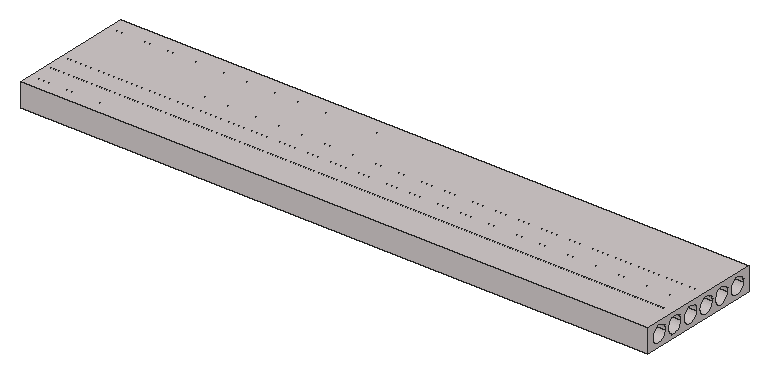
Revit family "Плита многопустотная", category Обобщенные модели, Revit 2016
Family settings
  Может служить основой для арматурных стержней = Нет
  На основе рабочей плоскости = Нет
  Всегда вертикально = Нет
  При загрузке вырезать с полостями = Нет
  Общий = Нет
  Точка расчета площади = Нет
Parameters (values of type "ПК12")
  ширина плиты = 1200 mm
  вид1500 = no
  вид1200 = yes
  вид1000 = no
  Описание = "2,10"
  Комментарии к типоразмеру = "ПК60.12-8АтVт"
  Изготовитель = "Серия 1.141-1 выпуск 63"
  Длина плиты = 6000 mm
  Высота плиты = (-1) * H  # -220 mm
  _Материал = Бетон - Сборный железобетон - 35 МПa
  URL = "http://www.beton1.ru/goods/3603/"
  H = 220 mm  # constant formula
Types (10, lengths in mm): name | ширина плиты | вид1500 | вид1200 | Описание | Комментарии к типоразмеру | Изготовитель | Длина плиты
  ПК12 | 1200 | no | yes | "2,10" | "ПК60.12-8АтVт" | "Серия 1.141-1 выпуск 63" | 6000
  ПБ15.53 | 1500 | yes | no | "2,80" | "ПК60.15-8АтVт" | "Серия. .." | 5300
  ПБ12.60 | 1200 | no | yes | "2,80" | "ПК60.15-8АтVт" | "Серия. .." | 6000
  ПБ15.74 | 1500 | yes | no | "2,80" | "ПК60.15-8АтVт" | "Серия. .." | 7400
  ПБ15.60 | 1500 | yes | no | "2,80" | "ПК60.15-8АтVт" | "Серия. .." | 6000
  ПБ15.55 | 1500 | yes | no | "2,80" | "ПК60.15-8АтVт" | "Серия. .." | 5500
  ПБ12.21 | 1200 | no | yes | "2,80" | "ПК60.15-8АтVт" | "Серия. .." | 2100
  ПБ15.21 | 1500 | yes | no | "2,80" | "ПК60.15-8АтVт" | "Серия. .." | 2100
  ПБ12.69 | 1200 | no | yes | "2,80" | "ПК60.15-8АтVт" | "Серия. .." | 6900
  ПБ15.69 | 1500 | yes | no | "2,80" | "ПК60.15-8АтVт" | "Серия. .." | 6900
Reference planes
  plane 1 "По центру (Вперед/Назад)": y = 0
  plane 2: z = 0
  plane 3 "По центру (Влево/Вправо)": x = 0
  plane 4: x = 6000
  plane 5: y = 1200
  plane 6: z = -220
Forms (mm)
  Sweep 1, solid, material "Бетон - Сборный железобетон - 35 МПa" <- "_Материал", visible <- "вид1500", detail levels medium+fine
    path origin (0, 0, 0) x (1, 0, 0) y (0, 1, 0)
      loop
        line (6000, 0) -> (0, 0)
    profile "ПК15 : 1500" origin (3000, 0, 0) x (0, -1, 0) y (0, 0, 1)
      loop
        circle (-1120, -110) r 79.5
      loop
        circle (-935, -110) r 79.5
      loop
        circle (-750, -110) r 79.5
      loop
        circle (-565, -110) r 79.5
      loop
        circle (-380, -110) r 79.5
      loop
        circle (-1305, -110) r 79.5
      loop
        circle (-195, -110) r 79.5
      loop
        line (0, 0) -> (-1500, 0) -> (-1500, -220) -> (0, -220) -> (0, 0)
  Sweep 2, solid, material "Бетон - Сборный железобетон - 35 МПa" <- "_Материал", visible <- "вид1200", detail levels medium+fine
    path origin (-42.115, 1937.281, 0) x (1, 0, 0) y (0, 1, 0)
      loop
        line (6042.115, -1937.281) -> (42.115, -1937.281)
    profile "ПК12 : 1200" origin (3000, 0, 0) x (0, -1, 0) y (0, 0, 1)
      loop
        circle (-880.5, -110) r 79.5
      loop
        circle (-693.5, -110) r 79.5
      loop
        circle (-506.5, -110) r 79.5
      loop
        circle (-319.5, -110) r 79.5
      loop
        circle (-1067.5, -110) r 79.5
      loop
        circle (-132.5, -110) r 79.5
      loop
        line (0, 0) -> (-1200, 0) -> (-1200, -220) -> (0, -220) -> (0, 0)
  Sweep 3, solid, material "Бетон - Сборный железобетон - 35 МПa" <- "_Материал", visible <- "вид1000", detail levels medium+fine
    path origin (-42.115, 3837.281, 0) x (1, 0, 0) y (0, 1, 0)
      loop
        line (6042.115, -3837.281) -> (42.115, -3837.281)
    profile "ПК10 : 1000" origin (3000, 0, 0) x (0, -1, 0) y (0, 0, 1)
      loop
        circle (-685, -110) r 79.5
      loop
        circle (-500, -110) r 79.5
      loop
        circle (-315, -110) r 79.5
      loop
        circle (-870, -110) r 79.5
      loop
        circle (-130, -110) r 79.5
      loop
        line (0, 0) -> (-1000, 0) -> (-1000, -220) -> (0, -220) -> (0, 0)
Lines and regions (mm)
  Masking region 1, detail levels coarse+medium
    outline origin (0, 0, 0) x (1, 0, 0) y (0, 1, 0)
      loop
        line (0, 1200) -> (0, 0) -> (6000, 0) -> (6000, 1200) -> (0, 1200)
  Masking region 2, detail levels coarse
    outline origin (0, 0, 0) x (0, 1, 0) y (0, 0, 1)
      loop
        line (0, -220) -> (1200, -220) -> (1200, 0) -> (0, 0) -> (0, -220)
  Masking region 3, detail levels coarse
    outline origin (0, 0, 0) x (1, 0, 0) y (0, 0, 1)
      loop
        line (0, 0) -> (0, -220) -> (6000, -220) -> (6000, 0) -> (0, 0)
Dimensions and locks
  "Длина плиты": plane 3 "По центру (Влево/Вправо)" to plane 4
  "ширина плиты": plane 1 "По центру (Вперед/Назад)" to plane 5
  "H": level to plane 6
  aligned and locked: level to plane 2
  aligned and locked: Sweep 1 sketch curve to plane 1 "По центру (Вперед/Назад)"
  aligned and locked: plane 4 to Sweep 1 sketch curve
  aligned and locked: plane 3 "По центру (Влево/Вправо)" to Sweep 1 sketch curve
  aligned and locked: plane 3 "По центру (Влево/Вправо)" to Sweep 2 sketch curve
  aligned and locked: Sweep 2 sketch curve to plane 4
  aligned and locked: Sweep 2 sketch curve to plane 1 "По центру (Вперед/Назад)"
  aligned and locked: Sweep 3 sketch curve to plane 1 "По центру (Вперед/Назад)"
  aligned and locked: Sweep 3 sketch curve to plane 4
  aligned and locked: plane 3 "По центру (Влево/Вправо)" to Sweep 3 sketch curve
  aligned and locked: Masking region 1 sketch curve to plane 3 "По центру (Влево/Вправо)"
  aligned and locked: Masking region 1 sketch curve to plane 1 "По центру (Вперед/Назад)"
  aligned and locked: Masking region 1 sketch curve to plane 4
  aligned and locked: Masking region 1 sketch curve to plane 5
  aligned and locked: Masking region 2 sketch curve to plane 1 "По центру (Вперед/Назад)"
  aligned and locked: Masking region 2 sketch curve to plane 5
  aligned and locked: Masking region 2 sketch curve to level
  aligned and locked: Masking region 2 sketch curve to plane 6
  aligned and locked: plane 4 to Masking region 3 sketch curve
  aligned and locked: plane 3 "По центру (Влево/Вправо)" to Masking region 3 sketch curve
  aligned and locked: Masking region 3 sketch curve to plane 6
  aligned and locked: Masking region 3 sketch curve to level
